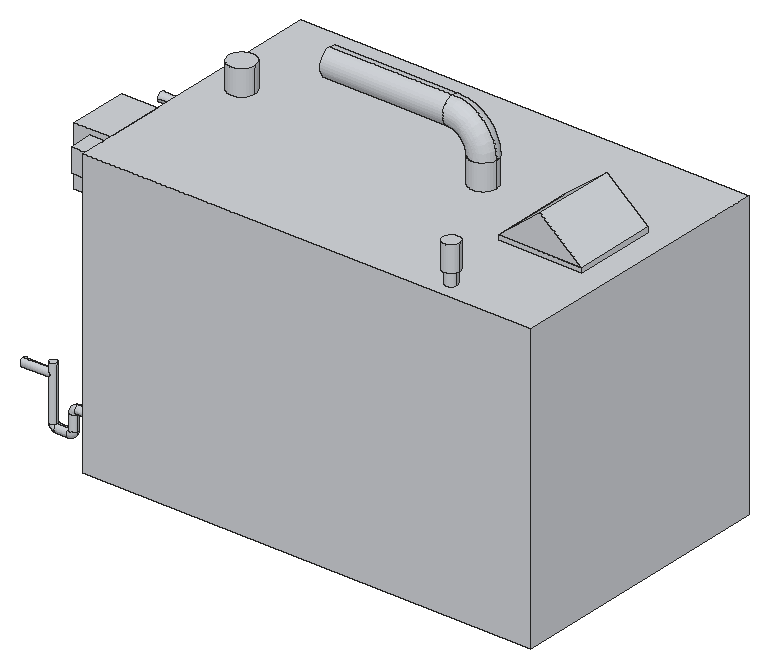
Revit family "AMP_BFIT 2500-3000 Boiler", category Mechanical Equipment, Revit 2019
Family settings
  Round Connector Dimension = Use Diameter
  Part Type = Normal
  OmniClass Number = 23.75.00.00
  OmniClass Title = Climate Control (HVAC)
  Work Plane-Based = No
  Always vertical = Yes
  Cut with Voids When Loaded = No
  Shared = No
  Room Calculation Point = No
Parameters (values of type "AMP/BFIT 2500-3000 Boiler")
  Width = 46"
  Length = 75 5/8"
  Height = 48 3/8"
  Voltage = ""
  Vent = "10\" EZ Vent"
  Manufacturer = "Bryan Steam"  # constant formula
  Hydronic Supply = "4\" Victaulic"
  Hydronic Return = "4\" Victaulic"
  Gas Train = "1-1/2\" NPT"
  Condensate Trap = "1\" Pipe"
  Boiler Drain = "3/4\" NPT"
  Air Supply = "10\""
Reference planes
  plane 1 "Center (Front/Back)": y = 0
  plane 2: z = 0
  plane 3 "Center (Left/Right)": x = 0
  plane 4 "Vent": y = 96.749
  plane 5 "Condensate Trap": y = -457.2
  plane 6 "Supply 4" Victualic Elbow Style 10": x = 213.741
  plane 7 "3" Supply Manifold": z = 1466.85
  plane 8 "3" Supply Elbow Victaulic Style 10": y = 96.749
Forms (mm)
  Extrusion 1, solid
    sketch origin (0, 0, 0) x (1, 0, 0) y (0, 1, 0)
      loop
        line (-960.437, 584.2) -> (-960.437, -584.2) -> (960.438, -584.2) -> (960.438, 584.2) -> (-960.437, 584.2)
    from 0 to 1228.725
  Extrusion 2, solid
    sketch origin (0, 0, 1228.725) x (1, 0, 0) y (0, 1, 0)
      loop
        line (497.624, 177.8) -> (497.624, -177.8) -> (855.663, -177.8) -> (855.663, 177.8) -> (497.624, 177.8)
    from 0 to 21.63
  Extrusion 3, solid
    sketch origin (855.663, -177.8, 1228.725) x (-1, 0, 0) y (0, 0, -1)
      loop
        line (358.038, -21.63) -> (0, -21.63) -> (179.019, -167.063) -> (358.038, -21.63)
    from 0 to -355.6
  Extrusion 4, solid
    sketch origin (0, 0, 1228.725) x (1, 0, 0) y (0, 1, 0)
      loop
        circle (-820.737, 95.25) r 57.15
      loop
        circle (213.754, 95.25) r 57.15
    from 0 to 107.95
  Extrusion 5, solid
    sketch origin (-960.437, -584.2, 0) x (0, 1, 0) y (0, 0, -1)
      loop
        circle (987.425, -282.575) r 123.596
      loop
        circle (987.425, -282.575) r 119.863
    from 0 to 34.925
  Sweep 6, solid
    path origin (0, -457.2, 0) x (-1, 0, 0) y (0, 0, 1)
      loop
        line (960.437, 146.406) -> (1081.443, 146.406)
        arc (1081.443, 146.406) -> (1093.8, 141.287) -> (1098.918, 128.93) r 17.475
        line (1098.918, 128.93) -> (1098.918, 62.281)
        arc (1098.918, 62.281) -> (1104.037, 49.924) -> (1116.393, 44.806) r 17.475
        line (1116.393, 44.806) -> (1170.356, 44.806)
        arc (1170.356, 44.806) -> (1182.704, 49.92) -> (1187.818, 62.268) r 17.463
        line (1187.818, 62.268) -> (1187.818, 292.456)
    profile origin (-1020.94, -457.2, 146.406) x (0, 0, 1) y (0, 1, 0)
      loop
        circle (0, 0) r 16.701
  Revolve 7, solid
    sketch origin (0, -457.2, 0) x (-1, 0, 0) y (0, 0, 1)
      loop
        line (1316.037, 247.65) -> (1316.037, 264.351) -> (1187.45, 264.351) -> (1187.45, 247.65) -> (1316.037, 247.65)
      axis (1187.45, 247.65) -> (1316.037, 247.65)
    angle from 0 to 360
  Extrusion 8, solid
    sketch origin (-960.437, -584.2, 0) x (0, 1, 0) y (0, 0, -1)
      loop
        line (119.888, -1223.95) -> (119.888, -1122.35) -> (18.288, -1122.35) -> (18.288, -1223.95) -> (119.888, -1223.95)
    from 0 to 63.004
  Revolve 9, solid
    sketch origin (0, 95.25, 0) x (-1, 0, 0) y (0, 0, 1)
      loop
        line (1166.812, 766.775) -> (1160.126, 894.362) -> (906.474, 881.069) -> (913.161, 753.482) -> (1166.812, 766.775)
      axis (913.161, 753.482) -> (1166.812, 766.775)
    angle from 0 to 360
  Extrusion 10, solid
    sketch origin (-960.437, -584.2, 0) x (0, 1, 0) y (0, 0, -1)
      loop
        circle (679.45, -1076.325) r 13.335
      loop
        circle (679.45, -1076.325) r 10.465
    from 0 to 146.05
  Sweep 11, solid
    path origin (0, 96.749, 0) x (-1, 0, 0) y (0, 0, 1)
      loop
        arc (-213.754, 1335.256) -> (-175.626, 1427.304) -> (-83.579, 1465.431) r 130.175
        line (-83.579, 1465.431) -> (442.912, 1465.431)
    profile origin (175.626, 96.749, 1427.304) x (0.707107, 0, 0.707107) y (0, 1, 0)
      loop
        circle (0, 0) r 57.15
  Extrusion 12, solid
    sketch origin (-960.437, -584.2, 0) x (0, 1, 0) y (0, 0, -1)
      loop
        line (403.225, -1227.138) -> (403.225, -973.138) -> (149.225, -973.138) -> (149.225, -1227.138) -> (403.225, -1227.138)
    from 0 to 155.575
  Extrusion 13, solid
    sketch origin (0, 0, 1228.725) x (1, 0, 0) y (0, 1, 0)
      loop
        circle (557.213, -504.825) r 24.13
    from 0 to 57.15
  Extrusion 14, solid
    sketch origin (0, 0, 1285.875) x (1, 0, 0) y (0, 1, 0)
      loop
        circle (557.213, -504.825) r 34.925
    from 0 to 107.95
  Extrusion 15, solid
    sketch origin (-1106.487, -584.2, 0) x (0, 1, 0) y (0, 0, -1)
      loop
        circle (679.45, -1076.325) r 19.05
    from 0 to 60.325
Lines and regions (mm)
  model lines
    curve 1: circle (213.897, 97.198, 1336.675) r 50.8 normal (0, 0, 1)
Dimensions and locks
  "Height": Extrusion 1 to level
  equal spacing: Extrusion 1 sketch curve, plane 3 "Center (Left/Right)", Extrusion 1 sketch curve
  "Length": Extrusion 1 sketch curve to Extrusion 1 sketch curve
  equal spacing: Extrusion 1 sketch curve, plane 1 "Center (Front/Back)", Extrusion 1 sketch curve
  "Width": Extrusion 1 sketch curve to Extrusion 1 sketch curve
  locked: Extrusion 2 sketch curve to Extrusion 1 at 104.775
  locked: Extrusion 2 sketch curve to Extrusion 2 sketch curve at 358.038
  locked: Extrusion 2 sketch curve to Extrusion 2 sketch curve at 355.6
  locked: Extrusion 2 sketch curve to Extrusion 1 at 406.4
  locked: Extrusion 1 to Extrusion 4 sketch curve at 488.95  (x2)
  locked: Extrusion 1 to Extrusion 5 sketch curve at 282.575
  Extrusion 1 to Extrusion 5 sketch curve = 7 1/8"
  Revolve 7 sketch curve to Revolve 7 sketch curve = 0.6575"
  level to plane 7 "3" Supply Manifold" = 57 3/4"
  locked: plane 3 "Center (Left/Right)" to plane 6 "Supply 4" Victualic Elbow Style 10" at 213.741
  locked: plane 8 "3" Supply Elbow Victaulic Style 10" to plane 1 "Center (Front/Back)" at 96.749
  locked: plane 4 "Vent" to plane 1 "Center (Front/Back)" at 96.749
  locked: plane 5 "Condensate Trap" to plane 1 "Center (Front/Back)" at 457.2
  locked: Sweep 6 sketch curve to Sweep 6 sketch curve at 88.9
  locked: Sweep 6 sketch curve to Sweep 6 sketch curve at 247.65
  locked: Revolve 7 sketch curve to Revolve 7 sketch curve at 128.588
  locked: Extrusion 8 sketch curve to Extrusion 8 sketch curve at 101.6  (x2)
  Extrusion 5 sketch curve to Extrusion 5 sketch curve = 0"  (x2)
  locked: Revolve 9 sketch curve to Revolve 9 sketch curve at 127.762
  Extrusion 1 to Extrusion 10 sketch curve = 42 3/8"
  equal spacing: Extrusion 1, Extrusion 10 sketch curve, Extrusion 10 sketch curve  (x2)
  locked: Extrusion 1 to Extrusion 10 sketch curve at 488.95
  locked: Extrusion 1 to Extrusion 4 sketch curve at 139.7
  locked: Extrusion 4 sketch curve to Extrusion 1 at 746.684
  locked: Extrusion 1 to Sweep 11 sketch curve at 517.525
  locked: Extrusion 1 to Sweep 11 sketch curve at 236.706
  locked: Extrusion 1 to Revolve 7 sketch curve at 247.65  (x2)
  locked: Extrusion 12 sketch curve to Extrusion 12 sketch curve at 254  (x2)
  locked: Extrusion 12 sketch curve to Extrusion 1 at 149.225
  locked: Extrusion 12 sketch curve to Extrusion 1 at 1.587
  locked: Extrusion 1 to Extrusion 13 sketch curve at 79.375
  locked: Extrusion 13 sketch curve to Extrusion 1 at 403.225
  locked: Extrusion 1 to Extrusion 14 sketch curve at 79.375
  locked: Extrusion 14 sketch curve to Extrusion 1 at 403.225
  locked: Extrusion 1 to Extrusion 15 sketch curve at 152.4
  locked: Extrusion 1 to Extrusion 15 sketch curve at 488.95
  diameter of Extrusion 13 sketch curve = 1.9"
  diameter of Extrusion 14 sketch curve = 2 3/4"
  diameter of Extrusion 15 sketch curve = 1 1/2"
  aligned and locked: level to plane 2
Automatic sketch dimensions
  Extrusion 3 sketch curve to Extrusion 2 = 0"  (x3)
  Extrusion 3 sketch curve to Extrusion 2 = 7.048"
  Extrusion 3 sketch curve to Extrusion 2 = 5.72571"
  Sweep 6 sketch curve to plane 5 "Condensate Trap" = 0"
  profile plane to Sweep 6 sketch curve = 0"
  Sweep 6 sketch curve to Sweep 6 sketch curve = 0.688"  (x2)
  Sweep 6 sketch curve to Sweep 6 sketch curve = 11/16"
  Sweep 6 sketch curve to Sweep 6 sketch curve = 2.624"
  Sweep 6 sketch curve to Sweep 6 sketch curve = 4.764"
  Revolve 7 sketch curve to Revolve 7 sketch curve = 0.2025"
  Revolve 7 sketch curve to Revolve 7 sketch curve = 0.828"
  Extrusion 5 sketch curve to Extrusion 5 sketch curve = 0"  (x2)
  Revolve 9 sketch curve to Revolve 9 sketch curve = 5.32404"
  Revolve 9 sketch curve to Revolve 9 sketch curve = 0"  (x2)
  level to Sweep 6 sketch curve = 5.764"
  Sweep 6 sketch curve to plane 3 "Center (Left/Right)" = 42.5765"
  Revolve 7 sketch curve to plane 3 "Center (Left/Right)" = 46 3/4"
  Extrusion 1 to Extrusion 8 sketch curve = 0.188"
  Extrusion 8 sketch curve to Extrusion 1 = 0.72"
  Revolve 9 sketch curve to plane 3 "Center (Left/Right)" = 35.68795"
  Revolve 9 sketch curve to plane 7 "3" Supply Manifold" = 28.08536"
  Revolve 9 sketch curve to Revolve 9 sketch curve = 0.26325"
  Revolve 9 sketch curve to plane 7 "3" Supply Manifold" = 22.53889"
  Extrusion 10 sketch curve to Extrusion 10 sketch curve = 0"  (x2)
  Sweep 11 sketch curve to plane 8 "3" Supply Elbow Victaulic Style 10" = 0"
  Sweep 11 sketch curve to profile plane = 0"
  plane 3 "Center (Left/Right)" to Sweep 11 sketch curve = 3.2905"
  Sweep 11 sketch curve to Sweep 11 sketch curve = 5 1/8"
  radius of Sweep 6 sketch curve = 0.6575"
  radius of Extrusion 5 sketch curve = 4.866"
  radius of Extrusion 5 sketch curve = 4.719"
  radius of Extrusion 10 sketch curve = 0.412"
  radius of Extrusion 10 sketch curve = 0.525"
  radius of Extrusion 4 sketch curve = 2 1/4"  (x2)
  radius of curve 1 = 2"
  radius of Sweep 11 sketch curve = 2 1/4"
Connectors
  piping at (-820.737, 95.25, 1336.675), diameter 101.6
    settings: on Extrusion 4, index 2, connector inside diameter 24", connector length 0", flow factor 0, pipe flow 0 GPM, pressure drop 0.00 psi, fitting loss kfactor 0, connector angle 0.00°, fixture units 0, engagement length 0", angle of deflection 0.00°, flow configuration 0, flow direction 1, fitting loss method 0, system type 8, joint type 0, gender type 0, connector reference index -1, connector utility 0, adjustable connector no, is connector primary yes, connector description ""
  piping at (-995.362, 403.225, 282.575), diameter 254
    settings: on Extrusion 5, index 4, connector inside diameter 24", connector length 0", flow factor 0, pipe flow 0 GPM, pressure drop 0.00 psi, fitting loss kfactor 0, connector angle 0.00°, fixture units 0, engagement length 0", angle of deflection 0.00°, flow configuration 0, flow direction 1, fitting loss method 0, system type 22, joint type 0, gender type 0, connector reference index -1, connector utility 0, adjustable connector no, is connector primary no, connector description ""
  piping at (-1316.037, -457.2, 247.65), diameter 25.4
    settings: on Revolve 7, index 6, connector inside diameter 24", connector length 0", flow factor 0, pipe flow 0 GPM, pressure drop 0.00 psi, fitting loss kfactor 0, connector angle 0.00°, fixture units 0, engagement length 0", angle of deflection 0.00°, flow configuration 0, flow direction 2, fitting loss method 0, system type 22, joint type 0, gender type 0, connector reference index -1, connector utility 0, adjustable connector no, is connector primary no, connector description ""
  piping at (-442.912, 96.749, 1465.431), diameter 101.6
    settings: on Sweep 11, index 7, connector inside diameter 24", connector length 0", flow factor 0, pipe flow 0 GPM, pressure drop 0.00 psi, fitting loss kfactor 0, connector angle 0.00°, fixture units 0, engagement length 0", angle of deflection 0.00°, flow configuration 0, flow direction 2, fitting loss method 0, system type 7, joint type 0, gender type 0, connector reference index -1, connector utility 0, adjustable connector no, is connector primary no, connector description ""
  piping at (-1166.812, 95.25, 766.775), diameter 254
    settings: on Revolve 9, index 9, connector inside diameter 24", connector length 0", flow factor 0, pipe flow 0 GPM, pressure drop 0.00 psi, fitting loss kfactor 0, connector angle 0.00°, fixture units 0, engagement length 0", angle of deflection 0.00°, flow configuration 0, flow direction 2, fitting loss method 0, system type 17, joint type 0, gender type 0, connector reference index -1, connector utility 0, adjustable connector no, is connector primary no, connector description ""
  piping at (557.213, -504.825, 1393.825), diameter 38.1
    settings: on Extrusion 14, index 10, connector inside diameter 24", connector length 0", flow factor 0, pipe flow 0 GPM, pressure drop 0.00 psi, fitting loss kfactor 0, connector angle 0.00°, fixture units 0, engagement length 0", angle of deflection 0.00°, flow configuration 0, flow direction 1, fitting loss method 0, system type 22, joint type 0, gender type 0, connector reference index -1, connector utility 0, adjustable connector no, is connector primary no, connector description ""
  piping at (-1166.812, 95.25, 1076.325), diameter 19.05
    settings: on Extrusion 15, index 11, connector inside diameter 24", connector length 0", flow factor 0, pipe flow 0 GPM, pressure drop 0.00 psi, fitting loss kfactor 0, connector angle 0.00°, fixture units 0, engagement length 0", angle of deflection 0.00°, flow configuration 0, flow direction 2, fitting loss method 0, system type 22, joint type 0, gender type 0, connector reference index -1, connector utility 0, adjustable connector no, is connector primary no, connector description ""
